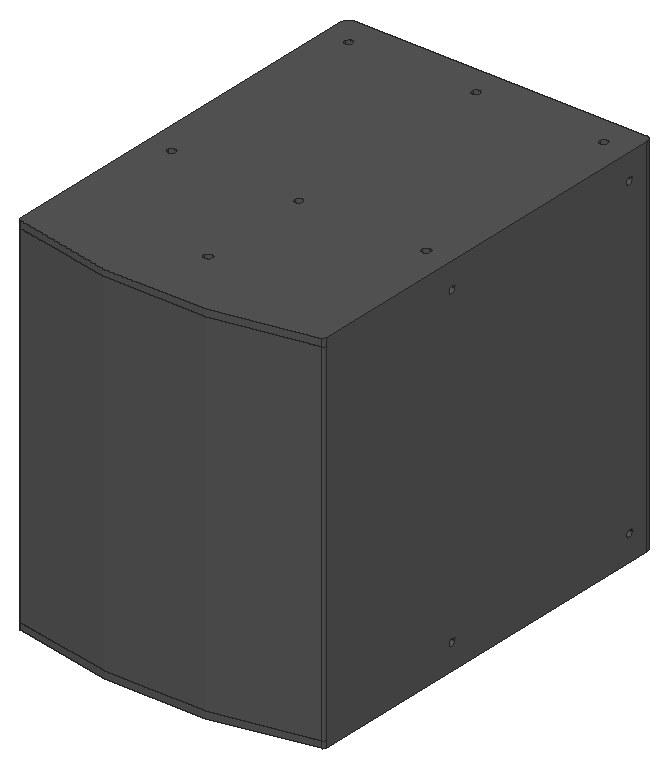
Revit family "1Electronics_Community_Biamp_Subwoofer_IS6-115", category Communication Devices, host Face, Revit 2020
Family settings
  Host = Face
  Maintain Annotation Orientation = No
  Round Connector Dimension = Use Diameter
  Part Type = Normal
  OmniClass Number = 23.85.10.11.14.14.14
  OmniClass Title = Loudspeakers
  Cut with Voids When Loaded = No
  Shared = No
  Room Calculation Point = No
Parameters (values of type "IS6-115 B")
  Width = 16.50"  # constant formula
  Weight = 78.00 lbf  # constant formula
  URL = "https://www.biamp.com/"
  Transducers = "1 x 15 (381mm) double-treated cone with 4 (102mm) inner/outer wound voice coil, ferrite construction"  # constant formula
  Shipping Weight = 88.00 lbf  # constant formula
  Recommended Amplifiers = "Single Amp - 700W - 1400W @ 8 ohms,  (75V - 106V)"  # constant formula
  Product data url = "https://bimobject.com/biamp/product/is6-115_community-subwoofer"
  Product Page URL = "https://www.biamp.com/products/product-families/community/community-subwoofers#is6-115"
  Product Documentation Link = "https://downloads.biamp.com/assets/docs/default-source/data-sheets/biamp_data_sheet_community_is6-115.pdf"
  Operating Range = "37 Hz to 140 Hz  "  # constant formula
  Operating Mode = "Single Amp"  # constant formula
  Operating Environment = "Indoor "  # constant formula
  Nominal Sensitivity = "Half Space - 1W: 102 dB - 2.83V: 102 dB; Whole Space - 1W: 96 dB - 2.83V: 96 dB"  # constant formula
  Nominal Maximum SPL = "Half Space - Peak: 136 dB - Continuous: 130 dB; Whole Space - Peak: 130 dB - Continuous: 124 dB"  # constant formula
  Mounting Points = "(24) M10 threaded rigging points"  # constant formula
  Model = "IS6-115 B"
  Manufacturer = "Biamp"  # constant formula
  Input Connection = "Screw terminal blocks (4-position)"  # constant formula
  Housing Material = Biamp - Plastic - Black
  Height = 19.80078"  # constant formula
  Grill Material = Biamp - Plastic - Black(Grid)
  Equalized Sensitivity = "Half Space - 1W: 99 dB - 2.83V: 99 dB; Whole Space - 1W: 93 dB - 2.83V: 93 dB"  # constant formula
  Equalized Maximum SPL = "Half Space - Peak: 133 dB - Continuous: 127 dB; Whole Space - Peak: 127 dB - Continuous: 121 dB"  # constant formula
  Environmental = "Outdoor:  IP55W per IEC 60529 , MIL-STD-810G"  # constant formula
  Description = "IS6-115 Medium Power Single 15-Inch Subwoofer"  # constant formula
  Depth = 23.35156"  # constant formula
  Default Elevation = 48.00"
  Continuous Power Handling  Nominal Impedance = "Single Amp - 75V, 700W @ 8 ohms (2800W peak)"  # constant formula
Types (3): name | Model | Housing Material | Grill Material
  (no name) | "IS6-115 B" | Biamp - Plastic - Black | Biamp - Plastic - Black(Grid)
  IS6-115 B | "IS6-115 B" | Biamp - Plastic - Black | Biamp - Plastic - Black(Grid)
  IS6-115 W | "IS6-115 W" | Biamp - Plastic - White | Biamp - Plastic - White(Grid)
Reference planes (in)
  plane 1 "Center (Front/Back)": y = 0
  plane 2: z = 0
  plane 3 "Center (Left/Right)": x = 0
  plane 4: y = 11.67578
  plane 5: y = -11.67578
  plane 6: x = -8.25
  plane 7: x = 8.25
  plane 8: z = 19.80078
  plane 9: z = 9.90039
Forms (in)
  Extrusion 1, solid, material "Biamp - Plastic - Black" <- "Housing Material", detail levels medium+fine
    sketch origin (0, 0, 0) x (1, 0, 0) y (0, 1, 0)
      loop
        arc (-8.25, -10.30899) -> (-8.21259, -10.41709) -> (-8.11864, -10.48234) r 0.18443
        arc (-8.11864, -10.48234) -> (0, -11.67498) -> (8.11864, -10.48234) r 28.22936
        arc (8.11864, -10.48234) -> (8.21259, -10.41709) -> (8.25, -10.30899) r 0.18443
        line (8.25, -10.30899) -> (8.25, 11.30081)
        arc (8.25, 11.30081) -> (8.14016, 11.56599) -> (7.87498, 11.67583) r 0.37502
        line (7.87498, 11.67583) -> (-7.8751, 11.67583)
        arc (-7.8751, 11.67583) -> (-8.14471, 11.56152) -> (-8.25, 11.28828) r 0.3751
        line (-8.25, 11.28828) -> (-8.25, -10.30899)
    from 0 to 19.80078
  Extrusion 2, void
    sketch origin (0, 0, 0) x (1, 0, 0) y (0, 1, 0)
      loop
        circle (-6.87, 10.11578) r 0.21654
      loop
        circle (0, 10.11578) r 0.21654
      loop
        circle (-6.87, -1.85422) r 0.21654
      loop
        circle (0, -1.85422) r 0.21654
      loop
        circle (0, -7.97422) r 0.21654
      loop
        circle (6.87, 10.11578) r 0.21654
      loop
        circle (6.87, -1.85422) r 0.21654
    from 19.42578 to 19.80078
  Extrusion 3, void
    sketch origin (0, 0, 0) x (0, 1, 0) y (0, 0, 1)
      loop
        circle (10.11578, 1.38) r 0.21654
      loop
        circle (10.11578, 18.42) r 0.21654
      loop
        circle (-1.85422, 1.38) r 0.21654
      loop
        circle (-1.85422, 18.42) r 0.21654
    from 8.25 to 7.875
  Extrusion 4, void
    sketch origin (0, 0, 0) x (1, 0, 0) y (0, 0, 1)
      loop
        circle (0, 18.42078) r 0.21654
      loop
        circle (0, 1.38) r 0.21654
      loop
        line (2.005, 13.43039) -> (-2.005, 13.43039)
        arc (-2.005, 13.43039) -> (-2.09339, 13.39378) -> (-2.13, 13.30539) r 0.125
        line (-2.13, 13.30539) -> (-2.13, 6.49539)
        arc (-2.13, 6.49539) -> (-2.09339, 6.407) -> (-2.005, 6.37039) r 0.125
        line (-2.005, 6.37039) -> (2.005, 6.37039)
        arc (2.005, 6.37039) -> (2.09339, 6.407) -> (2.13, 6.49539) r 0.125
        line (2.13, 6.49539) -> (2.13, 13.30539)
        arc (2.13, 13.30539) -> (2.09339, 13.39378) -> (2.005, 13.43039) r 0.125
    from -11.67578 to -11.30078
  Extrusion 5, void
    sketch origin (0, 0, 0) x (0, 1, 0) y (0, 0, 1)
      loop
        line (-10.30899, 19.42578) -> (-11.67578, 19.42578) -> (-11.67578, 0.375) -> (-10.30899, 0.375) -> (-10.30899, 19.42578)
    from -8.25 to 8.25
  Extrusion 6, solid, material "Biamp - Plastic - Black(Grid)" <- "Grill Material", detail levels medium+fine
    sketch origin (0, 0, 0) x (1, 0, 0) y (0, 1, 0)
      loop
        arc (-8.25, -10.30899) -> (-8.21259, -10.41709) -> (-8.11864, -10.48234) r 0.18443
        arc (-8.11864, -10.48234) -> (0, -11.67498) -> (8.11864, -10.48234) r 28.22936
        arc (8.11864, -10.48234) -> (8.21259, -10.41709) -> (8.25, -10.30899) r 0.18443
        line (8.25, -10.30899) -> (-8.25, -10.30899)
    from 0.375 to 19.42578
  Extrusion 7, solid, material "Biamp - Plastic - Black" <- "Housing Material", detail levels medium+fine
    sketch origin (0, 0, 0) x (1, 0, 0) y (0, 0, 1)
      loop
        line (-0.5, 12.43039) -> (-0.5, 12.18039) -> (0.5, 12.18039) -> (0.5, 12.43039) -> (-0.5, 12.43039)
      loop
        line (-0.5, 11.43039) -> (-0.5, 11.18039) -> (0.5, 11.18039) -> (0.5, 11.43039) -> (-0.5, 11.43039)
    from -11.48828 to -11.30078
  Extrusion 8, void
    sketch origin (0, 0, -19.42578) x (0, -1, 0) y (1, 0, 0)
      loop
        circle (-10.11578, 6.87) r 0.21654
      loop
        circle (-10.11578, -6.87) r 0.21654
      loop
        circle (-10.11578, 0) r 0.21654
      loop
        circle (1.85422, 6.87) r 0.21654
      loop
        circle (1.85422, -6.87) r 0.21654
      loop
        circle (1.85422, 0) r 0.21654
      loop
        circle (7.97422, 0) r 0.21654
    from 19.42578 to 19.80078
  Extrusion 9, void
    sketch origin (1.65039, 0, 0) x (0, 1, 0) y (0, 0, -1)
      loop
        circle (10.11578, -1.38) r 0.21654
      loop
        circle (10.11578, -18.42) r 0.21654
      loop
        circle (-1.85422, -1.38) r 0.21654
      loop
        circle (-1.85422, -18.42) r 0.21654
    from 9.52539 to 9.90039
  Extrusion 10, solid, material "Biamp - Plastic - Black" <- "Housing Material", detail levels coarse
    sketch origin (0, 0, 0) x (1, 0, 0) y (0, 1, 0)
      loop
        arc (-7.8751, 11.67583) -> (-8.14471, 11.56152) -> (-8.25, 11.28828) r 0.3751
        line (-8.25, 11.28828) -> (-8.25, -10.30899)
        arc (-8.25, -10.30899) -> (-8.21259, -10.41709) -> (-8.11864, -10.48234) r 0.18443
        arc (-8.11864, -10.48234) -> (0, -11.67498) -> (8.11864, -10.48234) r 28.22936
        arc (8.11864, -10.48234) -> (8.21259, -10.41709) -> (8.25, -10.30899) r 0.18443
        line (8.25, -10.30899) -> (8.25, 11.30081)
        arc (8.25, 11.30081) -> (8.14016, 11.56599) -> (7.87498, 11.67583) r 0.37502
        line (7.87498, 11.67583) -> (-7.8751, 11.67583)
    from 0 to 19.80078
Cuts and joins
  Extrusion 2, Extrusion 3, Extrusion 4, Extrusion 5, Extrusion 8, Extrusion 9 cuts Extrusion 1
Lines and regions (in)
  Masking region 1
    outline origin (0, 0, 0) x (0, 1, 0) y (0, 0, 1)
      loop
        line (11.67578, 19.80078) -> (-11.67578, 19.80078) -> (-11.67578, 0) -> (11.67578, 0) -> (11.67578, 19.80078)
  Masking region 2
    outline origin (0, 0, 0) x (1, 0, 0) y (0, 0, 1)
      loop
        line (-8.25, 19.80078) -> (-8.25, 0) -> (8.25011, 0) -> (8.25011, 19.80078) -> (-8.25, 19.80078)
  Masking region 3
    outline origin (0, 0, 0) x (1, 0, 0) y (0, 1, 0)
      loop
        arc (8.11864, -10.48234) -> (8.21259, -10.41709) -> (8.25, -10.30899) r 0.18443
        line (8.25, -10.30899) -> (8.25, 11.30081)
        arc (8.25, 11.30081) -> (8.14016, 11.56599) -> (7.87498, 11.67583) r 0.37502
        line (7.87498, 11.67583) -> (-7.8751, 11.67583)
        arc (-7.8751, 11.67583) -> (-8.14471, 11.56152) -> (-8.25, 11.28828) r 0.3751
        line (-8.25, 11.28828) -> (-8.25, -10.30899)
        arc (-8.25, -10.30899) -> (-8.21259, -10.41709) -> (-8.11864, -10.48234) r 0.18443
        arc (-8.11864, -10.48234) -> (0, -11.67498) -> (8.11864, -10.48234) r 28.22936
  symbolic lines
    curve 1: arc (-6.65346, 10.11578, 0) -> (-6.87, 9.89925, 0) -> (-7.08654, 10.11578, 0) r 0.21654
    curve 2: arc (-7.08654, 10.11578, 0) -> (-6.87, 10.33232, 0) -> (-6.65346, 10.11578, 0) r 0.21654
    curve 3: arc (0.21654, 10.11578, 0) -> (0, 9.89925, 0) -> (-0.21654, 10.11578, 0) r 0.21654
    curve 4: arc (-0.21654, 10.11578, 0) -> (0, 10.33232, 0) -> (0.21654, 10.11578, 0) r 0.21654
    curve 5: arc (7.08654, 10.11578, 0) -> (6.87, 9.89925, 0) -> (6.65346, 10.11578, 0) r 0.21654
    curve 6: arc (6.65346, 10.11578, 0) -> (6.87, 10.33232, 0) -> (7.08654, 10.11578, 0) r 0.21654
    curve 7: arc (-6.65346, -1.85422, 0) -> (-6.87, -2.07075, 0) -> (-7.08654, -1.85422, 0) r 0.21654
    curve 8: arc (-7.08654, -1.85422, 0) -> (-6.87, -1.63768, 0) -> (-6.65346, -1.85422, 0) r 0.21654
    curve 9: arc (0.21654, -1.85422, 0) -> (0, -2.07075, 0) -> (-0.21654, -1.85422, 0) r 0.21654
    curve 10: arc (-0.21654, -1.85422, 0) -> (0, -1.63768, 0) -> (0.21654, -1.85422, 0) r 0.21654
    curve 11: arc (7.08654, -1.85422, 0) -> (6.87, -2.07075, 0) -> (6.65346, -1.85422, 0) r 0.21654
    curve 12: arc (6.65346, -1.85422, 0) -> (6.87, -1.63768, 0) -> (7.08654, -1.85422, 0) r 0.21654
    curve 13: arc (0.21654, -7.97422, 0) -> (0, -8.19075, 0) -> (-0.21654, -7.97422, 0) r 0.21654
    curve 14: arc (-0.21654, -7.97422, 0) -> (0, -7.75768, 0) -> (0.21654, -7.97422, 0) r 0.21654
    curve 15: line (0, -11.67578, 19.80078) -> (0, 11.67578, 19.80078)
    curve 16: line (0, -11.67578, 0) -> (0, -11.67578, 19.80078)
    curve 17: line (0, 11.67578, 0) -> (0, -11.67578, 0)
    curve 18: line (0, 11.67578, 19.80078) -> (0, 11.67578, 0)
    curve 19: arc (0, -1.63768, 18.42) -> (0, -1.85422, 18.20346) -> (0, -2.07075, 18.42) r 0.21654
    curve 20: arc (0, -2.07075, 18.42) -> (0, -1.85422, 18.63654) -> (0, -1.63768, 18.42) r 0.21654
    curve 21: arc (0, 10.33232, 18.42) -> (0, 10.11578, 18.20346) -> (0, 9.89925, 18.42) r 0.21654
    curve 22: arc (0, 9.89925, 18.42) -> (0, 10.11578, 18.63654) -> (0, 10.33232, 18.42) r 0.21654
    curve 23: arc (0, -1.63768, 1.38) -> (0, -1.85422, 1.16346) -> (0, -2.07075, 1.38) r 0.21654
    curve 24: arc (0, -2.07075, 1.38) -> (0, -1.85422, 1.59654) -> (0, -1.63768, 1.38) r 0.21654
    curve 25: arc (0, 10.33232, 1.38) -> (0, 10.11578, 1.16346) -> (0, 9.89925, 1.38) r 0.21654
    curve 26: arc (0, 9.89925, 1.38) -> (0, 10.11578, 1.59654) -> (0, 10.33232, 1.38) r 0.21654
    curve 27: line (0, -11.67578, 19.42578) -> (0, -9.83126, 19.42578)
    curve 28: line (0, -9.83126, 19.80078) -> (0, -9.83126, 0)
    curve 29: line (0, -9.83126, 0.375) -> (0, -11.67578, 0.375)
    curve 30: line (-8.25, 0, 19.80078) -> (8.25011, 0, 19.80078)
    curve 31: line (-8.25, 0, 0) -> (-8.25, 0, 19.80078)
    curve 32: line (8.25011, 0, 0) -> (-8.25, 0, 0)
    curve 33: line (8.25011, 0, 19.80078) -> (8.25011, 0, 0)
    curve 34: line (8.25011, 0, 19.42578) -> (-8.25, 0, 19.42578)
    curve 35: line (-8.25, 0, 0.375) -> (8.25011, 0, 0.375)
Dimensions and locks (in)
  equal spacing: plane 5, plane 1 "Center (Front/Back)", plane 4
  "Depth": plane 4 to plane 5
  equal spacing: plane 6, plane 3 "Center (Left/Right)", plane 7
  "Width": plane 6 to plane 7
  "Height": plane 8 to plane 2
  equal spacing: plane 8, plane 9, plane 2
  aligned and locked: plane 2 to host face
  aligned and locked: level to host face
  aligned and locked: plane 8 to Extrusion 1
  aligned and locked: plane 8 to Extrusion 2
  aligned and locked: Extrusion 4 to plane 4
  aligned and locked: plane 7 to Extrusion 3
  aligned and locked: plane 7 to Extrusion 5
  aligned and locked: Extrusion 5 to plane 6
Automatic sketch dimensions
  host sketch curve to host sketch curve = 96.00"  (x2)
  Extrusion 7 sketch curve to plane 3 "Center (Left/Right)" = 0.50"  (x2)
  plane 3 "Center (Left/Right)" to Extrusion 7 sketch curve = 0.50"  (x2)
  plane 9 to Extrusion 7 sketch curve = 1.28"
  Extrusion 7 sketch curve to Extrusion 7 sketch curve = 0.25"  (x2)
  Extrusion 7 sketch curve to Extrusion 7 sketch curve = 0.75"
  plane 1 "Center (Front/Back)" to Extrusion 3 sketch curve = 1.85422"  (x2)
  plane 4 to Extrusion 3 sketch curve = 1.56"  (x2)
  level to Extrusion 3 sketch curve = 1.38"  (x2)
  Extrusion 3 sketch curve to plane 8 = 1.38078"  (x2)
  Extrusion 4 sketch curve to plane 3 "Center (Left/Right)" = 0.00"  (x2)
  Extrusion 4 sketch curve to plane 3 "Center (Left/Right)" = 2.005"  (x2)
  Extrusion 4 sketch curve to Extrusion 4 sketch curve = 0.125"  (x2)
  plane 3 "Center (Left/Right)" to Extrusion 4 sketch curve = 2.005"  (x2)
  level to Extrusion 4 sketch curve = 1.38"
  Extrusion 4 sketch curve to plane 9 = 3.53"
  plane 9 to Extrusion 4 sketch curve = 3.405"
  Extrusion 4 sketch curve to plane 8 = 1.38"
  Extrusion 5 sketch curve to plane 5 = 0.00"
  level to Extrusion 5 sketch curve = 0.375"
  Extrusion 5 sketch curve to Extrusion 5 sketch curve = 1.36679"
  Extrusion 5 sketch curve to plane 8 = 0.375"
  Extrusion 8 sketch curve to plane 3 "Center (Left/Right)" = 0.00"  (x3)
  plane 4 to Extrusion 8 sketch curve = 1.56"  (x3)
  plane 1 "Center (Front/Back)" to Extrusion 8 sketch curve = 1.85422"  (x3)
  plane 5 to Extrusion 8 sketch curve = 3.70156"
  plane 6 to Extrusion 8 sketch curve = 1.38"  (x2)
  Extrusion 8 sketch curve to plane 7 = 1.38"  (x2)
  plane 1 "Center (Front/Back)" to Extrusion 9 sketch curve = 1.85422"  (x2)
  plane 4 to Extrusion 9 sketch curve = 1.56"  (x2)
  Extrusion 9 sketch curve to plane 8 = 1.38078"  (x2)
  level to Extrusion 9 sketch curve = 1.38"  (x2)
  Masking region 1 sketch curve to plane 5 = 0.00"
  Masking region 1 sketch curve to level = 0.00"
  Masking region 1 sketch curve to plane 4 = 0.00"
  Masking region 1 sketch curve to plane 8 = 0.00"
  curve 15 to plane 5 = 0.00"
  curve 28 to plane 8 = 0.00"
  curve 28 to level = 0.00"
  curve 17 to plane 4 = 0.00"
  plane 1 "Center (Front/Back)" to curve 19 = 1.85422"
  plane 1 "Center (Front/Back)" to curve 24 = 1.85422"
  plane 4 to curve 25 = 1.56"
  plane 4 to curve 22 = 1.56"
  level to curve 26 = 1.38"
  level to curve 24 = 1.38"
  curve 22 to plane 8 = 1.38078"
  curve 20 to plane 8 = 1.38078"
  level to curve 29 = 0.375"
  curve 15 to curve 28 = 1.84453"
  curve 23 to curve 23 = 0.21654"
  curve 20 to curve 19 = 0.21654"
  curve 22 to curve 21 = 0.21654"
  curve 26 to curve 25 = 0.21654"
  curve 27 to plane 8 = 0.375"
  Masking region 2 sketch curve to level = 0.00"
  Masking region 2 sketch curve to plane 6 = 0.00"
  Masking region 2 sketch curve to plane 8 = 0.00"
  plane 7 to Masking region 2 sketch curve = 0.00011"
  curve 35 to plane 6 = 0.00"
  curve 33 to level = 0.00"
  curve 30 to plane 8 = 0.00"
  plane 7 to curve 35 = 0.00011"
  curve 32 to curve 35 = 0.375"
  curve 34 to plane 8 = 0.375"
  curve 13 to plane 3 "Center (Left/Right)" = 0.00"
  curve 9 to plane 3 "Center (Left/Right)" = 0.00"
  curve 4 to plane 3 "Center (Left/Right)" = 0.00"
  plane 6 to curve 1 = 1.38"
  plane 6 to curve 8 = 1.38"
  curve 11 to plane 7 = 1.38"
  curve 5 to plane 7 = 1.38"
  plane 5 to curve 14 = 3.70156"
  plane 1 "Center (Front/Back)" to curve 12 = 1.85422"
  plane 1 "Center (Front/Back)" to curve 10 = 1.85422"
  plane 1 "Center (Front/Back)" to curve 7 = 1.85422"
  plane 4 to curve 6 = 1.56"
  plane 4 to curve 4 = 1.56"
  plane 4 to curve 2 = 1.56"
  curve 1 to curve 1 = 0.21654"
  curve 8 to curve 7 = 0.21654"
  curve 13 to curve 13 = 0.21654"
  curve 10 to curve 9 = 0.21654"
  curve 3 to curve 3 = 0.21654"
  curve 5 to curve 5 = 0.21654"
  curve 11 to curve 11 = 0.21654"
  Extrusion 2 sketch curve to plane 3 "Center (Left/Right)" = 0.00"  (x3)
  plane 6 to Extrusion 2 sketch curve = 1.38"  (x2)
  Extrusion 2 sketch curve to plane 7 = 1.38"  (x2)
  plane 5 to Extrusion 2 sketch curve = 3.70156"
  plane 1 "Center (Front/Back)" to Extrusion 2 sketch curve = 1.85422"  (x3)
  plane 4 to Extrusion 2 sketch curve = 1.56"  (x3)
  Extrusion 10 sketch curve to plane 3 "Center (Left/Right)" = 0.00"
  Extrusion 10 sketch curve to plane 4 = 0.00005"
  plane 6 to Extrusion 10 sketch curve = 0.3749"
  plane 6 to Extrusion 10 sketch curve = 0.00"
  Extrusion 10 sketch curve to plane 7 = 0.37502"
  Extrusion 10 sketch curve to plane 7 = 0.18441"
  Extrusion 10 sketch curve to plane 7 = 0.00"
  Extrusion 10 sketch curve to Extrusion 10 sketch curve = 0.3751"
  plane 5 to Extrusion 10 sketch curve = 1.37008"
  Extrusion 10 sketch curve to Extrusion 10 sketch curve = 0.00329"  (x2)
  plane 6 to Extrusion 10 sketch curve = 0.13136"
  Extrusion 10 sketch curve to Extrusion 10 sketch curve = 0.00"  (x2)
  Extrusion 10 sketch curve to plane 7 = 0.13136"
  Extrusion 1 sketch curve to plane 3 "Center (Left/Right)" = 0.00"
  plane 6 to Extrusion 1 sketch curve = 0.3749"
  plane 6 to Extrusion 1 sketch curve = 0.18441"
  plane 6 to Extrusion 1 sketch curve = 0.00"
  Extrusion 1 sketch curve to plane 4 = 0.00005"
  Extrusion 1 sketch curve to plane 7 = 0.37502"
  Extrusion 1 sketch curve to plane 7 = 0.18441"
  Extrusion 1 sketch curve to plane 7 = 0.00"
  Extrusion 1 sketch curve to Extrusion 1 sketch curve = 0.3751"
  plane 5 to Extrusion 1 sketch curve = 1.37008"  (x2)
  Extrusion 1 sketch curve to Extrusion 1 sketch curve = 0.00329"  (x2)
  Extrusion 1 sketch curve to plane 4 = 4.8786"
  Extrusion 1 sketch curve to Extrusion 1 sketch curve = 0.00"
  Extrusion 6 sketch curve to plane 3 "Center (Left/Right)" = 0.00"
  plane 6 to Extrusion 6 sketch curve = 0.18441"
  Extrusion 6 sketch curve to plane 7 = 0.18441"
  plane 5 to Extrusion 6 sketch curve = 1.37008"
  Extrusion 6 sketch curve to plane 4 = 4.8786"
  plane 6 to Extrusion 6 sketch curve = 0.13136"
  Extrusion 6 sketch curve to Extrusion 6 sketch curve = 0.00"  (x2)
  plane 6 to Extrusion 6 sketch curve = 0.00"
  Extrusion 6 sketch curve to plane 7 = 0.00"
  Masking region 3 sketch curve to plane 3 "Center (Left/Right)" = 0.00"
  Masking region 3 sketch curve to plane 4 = 0.00005"
  plane 6 to Masking region 3 sketch curve = 0.3749"
  plane 6 to Masking region 3 sketch curve = 0.18441"
  plane 6 to Masking region 3 sketch curve = 0.00"
  Masking region 3 sketch curve to plane 7 = 0.37502"
  Masking region 3 sketch curve to plane 7 = 0.18441"
  Masking region 3 sketch curve to plane 7 = 0.00"
  Masking region 3 sketch curve to Masking region 3 sketch curve = 0.3751"
  plane 5 to Masking region 3 sketch curve = 1.37008"  (x2)
  Masking region 3 sketch curve to Masking region 3 sketch curve = 0.00329"  (x2)
  Masking region 3 sketch curve to plane 4 = 4.8786"
  Masking region 3 sketch curve to Masking region 3 sketch curve = 0.00"
  radius of Extrusion 3 sketch curve = 0.21654"  (x4)
  radius of Extrusion 4 sketch curve = 0.21654"  (x2)
  radius of Extrusion 8 sketch curve = 0.21654"  (x7)
  radius of Extrusion 9 sketch curve = 0.21654"  (x4)
  radius of Extrusion 2 sketch curve = 0.21654"  (x7)
Connectors (in)
  electrical at (0.25, 11.48828, 12.30539)
    settings: on Extrusion 7, index 1, voltage 0 V, apparent load 0 VA, apparent load phase1 0 VA, apparent load phase2 0 VA, apparent load phase3 0 VA, power factor 1, load classification "Other", number of poles 1, system type 5, power factor state 1, is connector primary yes, connector utility no, sub classification motor no, connector description "Screw terminal blocks; LF Input"
  electrical at (0.25, 11.48828, 11.30539)
    settings: on Extrusion 7, index 2, voltage 0 V, apparent load 0 VA, apparent load phase1 0 VA, apparent load phase2 0 VA, apparent load phase3 0 VA, power factor 1, load classification "Other", number of poles 1, system type 5, power factor state 1, is connector primary no, connector utility no, sub classification motor no, connector description "Screw terminal blocks; LOOP Input"
  electrical at (-0.25, 11.48828, 12.30539)
    settings: on Extrusion 7, index 3, voltage 0 V, apparent load 0 VA, apparent load phase1 0 VA, apparent load phase2 0 VA, apparent load phase3 0 VA, power factor 1, load classification "Other", number of poles 1, system type 5, power factor state 1, is connector primary no, connector utility no, sub classification motor no, connector description "Screw terminal blocks; LF thru"
  electrical at (-0.25, 11.48828, 11.30539)
    settings: on Extrusion 7, index 4, voltage 0 V, apparent load 0 VA, apparent load phase1 0 VA, apparent load phase2 0 VA, apparent load phase3 0 VA, power factor 1, load classification "Other", number of poles 1, system type 5, power factor state 1, is connector primary no, connector utility no, sub classification motor no, connector description "Screw terminal blocks; LOOP thru"
